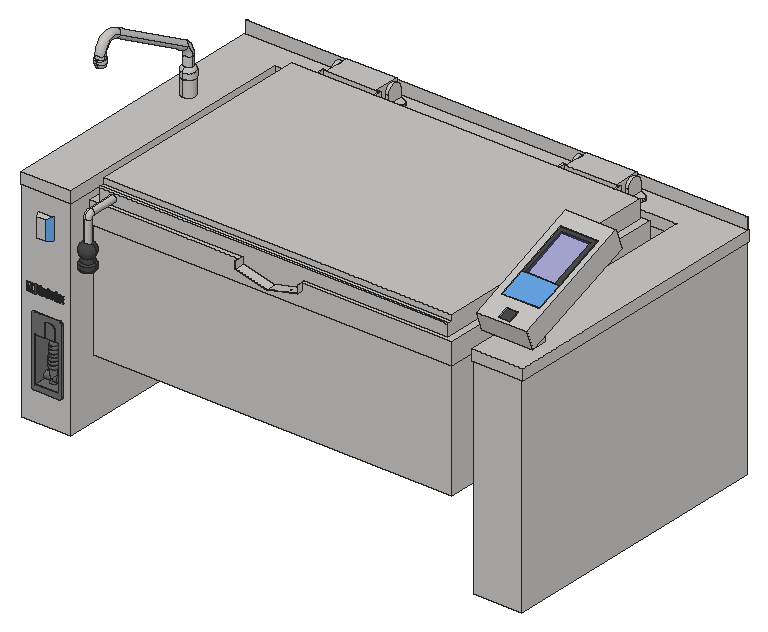
Revit family "QF_ELECTROLUXPROFESSIONAL_586296_PFET17ELEX", category Attrezzature speciali, Revit 2023 (continued)
Automatic sketch dimensions
  Revolve 24 sketch curve to Revolve 24 sketch curve = 10.00 mm  (x2)
  Revolve 24 sketch curve to plane 6 "TOP" = 99.606 mm
  Revolve 24 sketch curve to Revolve 24 sketch curve = 17.867 mm
  Revolve 24 sketch curve to plane 6 "TOP" = 113.551 mm
  Revolve 24 sketch curve to Revolve 24 sketch curve = 1.22 mm
  Revolve 24 sketch curve to Revolve 24 sketch curve = 0.913 mm
  Revolve 24 sketch curve to Revolve 24 sketch curve = 5.00 mm
  Revolve 24 sketch curve to Revolve 24 sketch curve = 5.913 mm
  Revolve 24 sketch curve to Revolve 24 sketch curve = 12.655 mm
  Revolve 24 sketch curve to Revolve 24 sketch curve = 20.00 mm
  Revolve 24 sketch curve to Revolve 24 sketch curve = 0.914 mm
  Revolve 24 sketch curve to Revolve 24 sketch curve = 18.672 mm
  Extrusion 25 sketch curve to plane 6 "TOP" = 23.256 mm
  Extrusion 25 sketch curve to plane 8 "Center" = 99.207 mm
  plane 6 "TOP" to Extrusion 25 sketch curve = 0.00 mm  (x2)
  Extrusion 25 sketch curve to Extrusion 25 sketch curve = 2.00 mm  (x2)
  plane 8 "Center" to Extrusion 25 sketch curve = 0.793 mm  (x2)
  Extrusion 25 sketch curve to plane 6 "TOP" = 21.703 mm
  plane 8 "Center" to Extrusion 25 sketch curve = 98.793 mm
  Extrusion 25 sketch curve to Extrusion 25 sketch curve = 1.553 mm  (x2)
  Extrusion 25 sketch curve to plane 6 "TOP" = 46.733 mm
  Extrusion 25 sketch curve to Extrusion 25 sketch curve = 2.064 mm
  Extrusion 26 sketch curve to plane 6 "TOP" = 20.15 mm  (x2)
  Extrusion 26 sketch curve to plane 8 "Center" = 95.207 mm
  plane 8 "Center" to Extrusion 26 sketch curve = 0.793 mm
  plane 6 "TOP" to Extrusion 26 sketch curve = 0.00 mm
  plane 8 "Center" to Extrusion 26 sketch curve = 96.793 mm
  Extrusion 26 sketch curve to plane 6 "TOP" = 44.669 mm
  curve 3 to plane 4 "RIGHT" = 0.00 mm
  plane 5 "FRONT" to curve 3 = 0.00 mm
  curve 5 to plane 3 "LEFT" = 0.00 mm
  plane 1 "BACK" to curve 1 = 0.00 mm
  plane 5 "FRONT" to curve 7 = 0.00 mm
  curve 3 to plane 4 "RIGHT" = 160.00 mm
  curve 4 to curve 16 = 62.107 mm
  curve 11 to curve 6 = 64.503 mm
  plane 1 "BACK" to curve 4 = 86.00 mm
  curve 4 to curve 15 = 29.70 mm
  curve 6 to curve 17 = 29.70 mm
  curve 15 to curve 15 = 103.433 mm
  curve 15 to curve 14 = 4.00 mm
  curve 14 to curve 10 = 8.40 mm
  curve 8 to curve 12 = 8.40 mm
  plane 1 "BACK" to curve 9 = 86.00 mm
  curve 9 to curve 13 = 29.70 mm
  curve 14 to curve 15 = 0.00 mm
  curve 11 to curve 12 = 0.00 mm
  curve 20 to plane 9 = 122.00 mm
  curve 18 to plane 9 = 122.00 mm
  curve 18 to curve 19 = 114.00 mm
  curve 20 to curve 21 = 114.00 mm
  plane 5 "FRONT" to curve 17 = 5.00 mm
  plane 5 "FRONT" to curve 16 = 5.00 mm
  curve 32 to curve 33 = 0.00 mm  (x2)
  curve 29 to plane 3 "LEFT" = 0.00 mm
  curve 37 to plane 10 = 0.00 mm
  curve 29 to plane 4 "RIGHT" = 0.00 mm
  plane 3 "LEFT" to curve 45 = 245.454 mm
  plane 12 to curve 30 = 19.819 mm
  curve 43 to curve 30 = 32.18 mm
  curve 32 to curve 33 = 10.00 mm
  curve 37 to plane 8 "Center" = 99.207 mm
  plane 8 "Center" to curve 38 = 100.793 mm
  curve 45 to plane 4 "RIGHT" = 244.507 mm
  curve 46 to plane 5 "FRONT" = 9.30 mm
  plane 1 "BACK" to curve 45 = 125.70 mm
  plane 5 "FRONT" to curve 34 = 5.00 mm
  curve 34 to curve 43 = 20.951 mm
  curve 36 to curve 40 = 2.00 mm
  plane 8 "Center" to curve 41 = 0.793 mm
  curve 39 to plane 10 = 0.70 mm
  curve 39 to curve 37 = 2.00 mm
  plane 5 "FRONT" to curve 47 = 5.00 mm
  curve 44 to curve 47 = 22.40 mm
  curve 33 to plane 12 = 3.093 mm
  plane 5 "FRONT" to curve 35 = 5.00 mm
  curve 43 to curve 42 = 15.00 mm
  plane 1 "BACK" to curve 29 = 2.00 mm
  Extrusion 18 sketch curve to plane 4 "RIGHT" = 78.796 mm
  plane 7 to Extrusion 18 sketch curve = 195.00 mm
  plane 3 "LEFT" to Extrusion 17 sketch curve = 46.204 mm
  plane 7 to Extrusion 17 sketch curve = 195.00 mm
  Extrusion 17 sketch curve to Extrusion 17 sketch curve = 0.00 mm
  Extrusion 17 sketch curve to Extrusion 17 sketch curve = 60.00 mm
  radius of Extrusion 17 sketch curve = 6.35 mm  (x2)
  radius of Extrusion 18 sketch curve = 6.35 mm
  radius of curve 28 = 25.00 mm
  radius of Extrusion 20 sketch curve = 2.453 mm
  radius of Extrusion 20 sketch curve = 1.557 mm
  radius of Extrusion 20 sketch curve = 1.468 mm
  radius of Extrusion 20 sketch curve = 2.451 mm
  radius of Sweep 23 sketch curve = 10.00 mm
Nested families
  nested 1: "QF_ELECTROLUXPROFESSIONAL_RubSprint" at (80, -330.346, 900), type "QF_ELECTROLUXPROFESSIONAL_RubSprint"
  nested 2: "QF_ELECTROLUXPROFESSIONAL_SprayGun" at (80.4, -837, 291.944), type "QF_ELECTROLUXPROFESSIONAL_SprayGun"
  nested 3: "QF_ELECTROLUXPROFESSIONAL_PFET_DISPLAY" at (1577.739, -679.876, 900) x (-1, 0, 0) z (0, 0, 1), type "QF_ELECTROLUXPROFESSIONAL_PFET_DISPLAY"
Connectors
  electrical at (1521.204, 5, 395), driven by "Volts"
    settings: on Extrusion 18, index 1, voltage 400 V, apparent load 20600 VA, apparent load phase1 0 VA, apparent load phase2 0 VA, apparent load phase3 0 VA, power factor 1, load classification "Other", number of poles 1, system type 30, power factor state 1, is connector primary yes, connector utility no, sub classification motor no, connector description "Electrical Connection"
  piping at (106.204, 5, 395), diameter 12.7
    settings: on Extrusion 17, index 2, connector inside diameter 1/2", connector length 0.00 mm, flow factor 0, pipe flow 0 GPM, pressure drop 0.00 psi, fitting loss kfactor 0, connector angle 0.00°, fixture units 0, engagement length 0.00 mm, angle of deflection 0.00°, flow configuration 1, flow direction 1, fitting loss method 0, system type 20, joint type 0, gender type 0, connector reference index -1, connector utility 0, adjustable connector no, is connector primary yes, connector description "Cold Water Inlet"
  piping at (46.204, 5, 395), diameter 12.7
    settings: on Extrusion 17, index 3, connector inside diameter 1/2", connector length 0.00 mm, flow factor 0, pipe flow 0 GPM, pressure drop 0.00 psi, fitting loss kfactor 0, connector angle 0.00°, fixture units 0, engagement length 0.00 mm, angle of deflection 0.00°, flow configuration 1, flow direction 1, fitting loss method 0, system type 19, joint type 0, gender type 0, connector reference index -1, connector utility 0, adjustable connector no, is connector primary no, connector description "Hot Water Inlet"
Definition of nested family "QF_ELECTROLUXPROFESSIONAL_RubSprint"
  Parameters
    Default Elevation = 0.00 mm
  Reference planes
    plane 1 "Center (Front/Back)": y = 0
    plane 2: z = 0
    plane 3 "Center (Left/Right)": x = 0
  Forms (mm)
    Revolve 1, solid
      sketch origin (0, 0, 0) x (0, 1, 0) y (0, 0, 1)
        loop
          line (-21, 0) -> (0, 0) -> (0, 82.75) -> (-14.385, 82.75)
          arc (-14.385, 82.75) -> (-19.409, 76.68) -> (-22.385, 69.383) r 26
          line (-22.385, 69.383) -> (-22.385, 51.306) -> (-21, 50.388) -> (-21, 0)
        axis (0, 82.75) -> (0, 0)
      angle from 0 to 360
    Sweep 2, solid
      path origin (0, 0, 0) x (0, 1, 0) y (0, 0, 1)
        loop
          line (0, 82.75) -> (0, 113.75)
          arc (0, 113.75) -> (-5.44, 133.889) -> (-20.279, 148.551) r 40
          line (-20.279, 148.551) -> (-290.279, 301.55)
          arc (-290.279, 301.55) -> (-330.139, 301.31) -> (-349.999, 266.749) r 40
          line (-349.999, 266.749) -> (-349.999, 257.884)
      profile origin (0, 0, 98.25) x (0, -1, 0) y (1, 0, 0)
        loop
          circle (0, 0) r 13.5
    Revolve 3, solid
      sketch origin (0, 0, 0) x (0, 1, 0) y (0, 0, 1)
        loop
          line (-333.717, 244.264) -> (-333.717, 254.236)
          arc (-333.717, 254.236) -> (-334.434, 255.758) -> (-335.779, 256.77) r 3.5
          line (-335.779, 256.77) -> (-336.499, 257.884) -> (-349.999, 257.884) -> (-349.999, 233.05) -> (-339.2, 233.05)
          arc (-339.2, 233.05) -> (-338.052, 233.411) -> (-337.32, 234.365) r 2
          line (-337.32, 234.365) -> (-333.717, 244.264)
        axis (-349.999, 257.884) -> (-349.999, 233.05)
      angle from 0 to 360
  Lines and regions (mm)
    symbolic lines
      curve 1: arc (-13.5, -17.856, 0) -> (0, 22.385, 0) -> (13.5, -17.856, 0) r 22.385
      curve 2: arc (-13.5, 0, 0) -> (0, 13.5, 0) -> (13.5, 0, 0) r 13.5
      curve 3: arc (-13.5, -349.999, 0) -> (0, -363.499, 0) -> (13.5, -349.999, 0) r 13.5
      curve 4: arc (-13.5, -340.897, 0) -> (0, -366.281, 0) -> (13.5, -340.897, 0) r 16.282
      curve 5: line (13.5, -349.999, 0) -> (13.5, 0, 0)
      curve 6: line (-13.5, -349.999, 0) -> (-13.5, 0, 0)
  Dimensions and locks
    aligned and locked: level to plane 2
Definition of nested family "QF_ELECTROLUXPROFESSIONAL_SprayGun"
  Parameters
    Default Elevation = 0.00 mm
  Reference planes
    plane 1 "Center (Front/Back)": y = 0
    plane 2: z = 0
    plane 3 "SGy": x = 13
    plane 4 "AxeZ": y = -45
    plane 5 "Center (Left/Right)": x = 4
    plane 6 "Center (Top/Right)": z = 112.5
  Forms (mm)
    Revolve 1, solid
      sketch origin (0, -45, 0) x (0, 0, 1) y (-1, 0, 0)
        loop
          line (73.98, -1.423) -> (33.98, -1.423) -> (33.98, -13) -> (151.7, -13) -> (151.7, -4.362)
          arc (151.7, -4.362) -> (147.093, -1.396) -> (141.64, -1.926) r 8.345
          arc (141.64, -1.926) -> (140.226, -2.024) -> (139.103, -1.16) r 2
          arc (139.103, -1.16) -> (138.832, -0.814) -> (138.493, -0.536) r 2
          arc (138.493, -0.536) -> (134.77, 0.557) -> (131.061, -0.581) r 6.745
          arc (131.061, -0.581) -> (129.812, -0.914) -> (128.62, -0.414) r 2
          arc (128.62, -0.414) -> (124.347, 1.338) -> (119.917, 0.035) r 6.972
          arc (119.917, 0.035) -> (118.79, -0.341) -> (117.648, -0.011) r 2
          arc (117.648, -0.011) -> (113.81, 1.188) -> (109.921, 0.166) r 7.275
          arc (109.921, 0.166) -> (108.725, -0.109) -> (107.594, 0.367) r 2
          arc (107.594, 0.367) -> (103.55, 1.928) -> (99.427, 0.587) r 6.475
          arc (99.427, 0.587) -> (98.262, 0.173) -> (97.076, 0.524) r 2
          arc (97.076, 0.524) -> (92.711, 1.941) -> (88.277, 0.758) r 8.094
          arc (88.277, 0.758) -> (87.212, 0.464) -> (86.153, 0.781) r 2
          arc (86.153, 0.781) -> (79.633, 2.075) -> (73.98, -1.423) r 9.075
        axis (151.7, -13) -> (33.98, -13)
      angle from 0 to 360
    Revolve 2, solid
      sketch origin (0, -45, 0) x (0, 0, 1) y (-1, 0, 0)
        loop
          line (47.58, 11.558) -> (40.98, 11.558) -> (40.98, 9.577) -> (35.98, 9.577) -> (35.98, -30.423) -> (40.98, -30.423) -> (40.98, -35.423) -> (47.58, -35.423) -> (47.58, 11.558)
        axis (47.58, 11.558) -> (47.58, -35.423)
      angle from 0 to 360
    Extrusion 3, solid
      sketch origin (0, -45, 0) x (1, 0, 0) y (0, 1, 0)
        loop
          line (21.638, 0) -> (17.319, 7.481) -> (8.681, 7.481) -> (4.362, 0) -> (8.681, -7.481) -> (17.319, -7.481) -> (21.638, 0)
      from 151.7 to 160.974
    Extrusion 4, solid
      sketch origin (0, 0, 0) x (1, 0, 0) y (0, 0, 1)
        loop
          arc (-45, 10) -> (-42.071, 2.929) -> (-35, 0) r 10
          line (-35, 0) -> (43, 0)
          arc (43, 0) -> (50.071, 2.929) -> (53, 10) r 10
          line (53, 10) -> (53, 215)
          arc (53, 215) -> (50.071, 222.071) -> (43, 225) r 10
          line (43, 225) -> (-35, 225)
          arc (-35, 225) -> (-42.071, 222.071) -> (-45, 215) r 10
          line (-45, 215) -> (-45, 10)
        loop
          line (-35, 162) -> (-35, 16) -> (43, 16) -> (43, 162) -> (29, 162) -> (29, 199)
          arc (29, 199) -> (26.657, 204.657) -> (21, 207) r 8
          line (21, 207) -> (5, 207)
          arc (5, 207) -> (-0.657, 204.657) -> (-3, 199) r 8
          line (-3, 199) -> (-3, 162) -> (-35, 162)
      from 63 to 60
    Extrusion 5, solid
      sketch origin (0, 0, 0) x (1, 0, 0) y (0, 0, 1)
        loop
          line (-35, 16) -> (43, 16) -> (43, 162) -> (29, 162) -> (29, 199)
          arc (29, 199) -> (26.657, 204.657) -> (21, 207) r 8
          line (21, 207) -> (5, 207)
          arc (5, 207) -> (-0.657, 204.657) -> (-3, 199) r 8
          line (-3, 199) -> (-3, 162) -> (-35, 162) -> (-35, 16)
        loop
          line (31, 164) -> (31, 199)
          arc (31, 199) -> (28.071, 206.071) -> (21, 209) r 10
          line (21, 209) -> (5, 209)
          arc (5, 209) -> (-2.071, 206.071) -> (-5, 199) r 10
          line (-5, 199) -> (-5, 164) -> (-37, 164) -> (-37, 14) -> (45, 14) -> (45, 164) -> (31, 164)
      from 0 to 60
    Extrusion 6, solid
      sketch origin (0, 0, 0) x (1, 0, 0) y (0, 0, 1)
        loop
          line (-37, 164) -> (-37, 14) -> (45, 14) -> (45, 164) -> (-37, 164)
      from 6 to 0
    Extrusion 7, solid
      sketch origin (0, 0, 0) x (1, 0, 0) y (0, 0, 1)
        loop
          line (28, 160.974) -> (28, 198)
          arc (28, 198) -> (25.657, 203.657) -> (20, 206) r 8
          line (20, 206) -> (6, 206)
          arc (6, 206) -> (0.343, 203.657) -> (-2, 198) r 8
          line (-2, 198) -> (-2, 160.974) -> (28, 160.974)
      from 0 to 63
  Dimensions and locks
    equal spacing: Extrusion 4, plane 5 "Center (Left/Right)", Extrusion 4
    Extrusion 4 to Extrusion 4 = 225.00 mm
    Extrusion 4 to Extrusion 4 = 98.00 mm
    aligned and locked: level to plane 2
  Automatic sketch dimensions
    plane 3 "SGy" to Revolve 1 sketch curve = 0.00 mm  (x2)
    plane 5 "Center (Left/Right)" to Revolve 1 sketch curve = 2.577 mm
    level to Revolve 1 sketch curve = 33.98 mm
    Revolve 1 sketch curve to Revolve 1 sketch curve = 40.00 mm
    Revolve 1 sketch curve to plane 5 "Center (Left/Right)" = 2.854 mm
    Revolve 1 sketch curve to Revolve 1 sketch curve = 7.27 mm
    Revolve 1 sketch curve to Revolve 1 sketch curve = 5.984 mm
    Revolve 1 sketch curve to plane 5 "Center (Left/Right)" = 2.15 mm
    Revolve 1 sketch curve to Revolve 1 sketch curve = 5.262 mm
    Revolve 1 sketch curve to Revolve 1 sketch curve = 5.712 mm
    Revolve 1 sketch curve to plane 5 "Center (Left/Right)" = 0.545 mm
    Revolve 1 sketch curve to Revolve 1 sketch curve = 5.167 mm
    Revolve 1 sketch curve to Revolve 1 sketch curve = 5.522 mm
    Revolve 1 sketch curve to plane 5 "Center (Left/Right)" = 2.085 mm
    Revolve 1 sketch curve to Revolve 1 sketch curve = 4.746 mm
    Revolve 1 sketch curve to Revolve 1 sketch curve = 5.106 mm
    Revolve 1 sketch curve to plane 5 "Center (Left/Right)" = 1.624 mm
    Revolve 1 sketch curve to Revolve 1 sketch curve = 5.239 mm
    Revolve 1 sketch curve to Revolve 1 sketch curve = 5.96 mm
    Revolve 1 sketch curve to plane 5 "Center (Left/Right)" = 2.187 mm
    Revolve 1 sketch curve to Revolve 1 sketch curve = 4.862 mm
    plane 5 "Center (Left/Right)" to Revolve 1 sketch curve = 1.788 mm
    Revolve 1 sketch curve to Revolve 1 sketch curve = 2.59 mm
    Revolve 1 sketch curve to Revolve 1 sketch curve = 3.403 mm
    plane 3 "SGy" to Revolve 1 sketch curve = 3.493 mm
    Revolve 1 sketch curve to Revolve 1 sketch curve = 4.325 mm
    Revolve 1 sketch curve to Revolve 1 sketch curve = 6.57 mm
    Revolve 1 sketch curve to plane 5 "Center (Left/Right)" = 0.362 mm
    plane 5 "Center (Left/Right)" to Revolve 1 sketch curve = 3.891 mm
    plane 5 "Center (Left/Right)" to Revolve 1 sketch curve = 5.081 mm
    plane 5 "Center (Left/Right)" to Revolve 1 sketch curve = 5.658 mm
    plane 5 "Center (Left/Right)" to Revolve 1 sketch curve = 5.884 mm
    plane 5 "Center (Left/Right)" to Revolve 1 sketch curve = 6.173 mm
    plane 5 "Center (Left/Right)" to Revolve 1 sketch curve = 6.464 mm
    Revolve 1 sketch curve to Revolve 1 sketch curve = 7.72 mm
    Revolve 1 sketch curve to Revolve 1 sketch curve = 0.00 mm  (x12)
    Revolve 1 sketch curve to Revolve 1 sketch curve = 1.57 mm
    Revolve 2 sketch curve to plane 3 "SGy" = 17.423 mm
    level to Revolve 2 sketch curve = 35.98 mm
    Revolve 2 sketch curve to Revolve 2 sketch curve = 5.00 mm  (x3)
    Revolve 2 sketch curve to Revolve 2 sketch curve = 6.60 mm
    plane 5 "Center (Left/Right)" to Revolve 2 sketch curve = 13.577 mm
    Revolve 2 sketch curve to Revolve 2 sketch curve = 1.981 mm
    Revolve 2 sketch curve to Revolve 2 sketch curve = 0.00 mm  (x2)
    Revolve 2 sketch curve to Revolve 2 sketch curve = 4.326 mm
    plane 4 "AxeZ" to Extrusion 3 sketch curve = 0.00 mm  (x2)
    Extrusion 3 sketch curve to plane 5 "Center (Left/Right)" = 0.362 mm
    plane 3 "SGy" to Extrusion 3 sketch curve = 4.319 mm  (x2)
    Extrusion 3 sketch curve to plane 3 "SGy" = 4.319 mm  (x2)
    Extrusion 3 sketch curve to Extrusion 3 sketch curve = 4.319 mm
    plane 4 "AxeZ" to Extrusion 3 sketch curve = 7.481 mm
    Extrusion 3 sketch curve to plane 4 "AxeZ" = 7.481 mm
    Extrusion 4 sketch curve to level = 0.00 mm
    level to Extrusion 4 sketch curve = 10.00 mm
    plane 5 "Center (Left/Right)" to Extrusion 4 sketch curve = 49.00 mm
    Extrusion 4 sketch curve to Extrusion 4 sketch curve = 10.00 mm  (x2)
    Extrusion 4 sketch curve to Extrusion 4 sketch curve = 0.00 mm  (x3)
    plane 5 "Center (Left/Right)" to Extrusion 4 sketch curve = 7.00 mm
    Extrusion 4 sketch curve to plane 5 "Center (Left/Right)" = 1.00 mm
    Extrusion 4 sketch curve to plane 3 "SGy" = 8.00 mm
    Extrusion 4 sketch curve to plane 3 "SGy" = 16.00 mm
    Extrusion 4 sketch curve to Extrusion 4 sketch curve = 14.00 mm  (x2)
    Extrusion 4 sketch curve to Extrusion 4 sketch curve = 6.00 mm
    Extrusion 4 sketch curve to Extrusion 4 sketch curve = 146.00 mm
    Extrusion 4 sketch curve to Extrusion 4 sketch curve = 37.00 mm
    Extrusion 4 sketch curve to Extrusion 4 sketch curve = 16.00 mm
    Extrusion 5 sketch curve to Extrusion 5 sketch curve = 0.00 mm  (x5)
    level to Extrusion 5 sketch curve = 14.00 mm
    plane 5 "Center (Left/Right)" to Extrusion 5 sketch curve = 41.00 mm
    Extrusion 5 sketch curve to Extrusion 5 sketch curve = 2.00 mm  (x6)
    plane 5 "Center (Left/Right)" to Extrusion 5 sketch curve = 9.00 mm
    Extrusion 5 sketch curve to plane 5 "Center (Left/Right)" = 1.00 mm
    Extrusion 5 sketch curve to plane 3 "SGy" = 8.00 mm
    Extrusion 5 sketch curve to Extrusion 5 sketch curve = 8.00 mm
    Extrusion 5 sketch curve to plane 3 "SGy" = 30.00 mm
    Extrusion 5 sketch curve to Extrusion 5 sketch curve = 146.00 mm
    Extrusion 5 sketch curve to Extrusion 5 sketch curve = 35.00 mm
    level to Extrusion 6 sketch curve = 14.00 mm
    plane 5 "Center (Left/Right)" to Extrusion 6 sketch curve = 41.00 mm
    Extrusion 6 sketch curve to plane 3 "SGy" = 32.00 mm
    Extrusion 6 sketch curve to Extrusion 6 sketch curve = 150.00 mm
    plane 5 "Center (Left/Right)" to Extrusion 7 sketch curve = 6.00 mm
    Extrusion 7 sketch curve to plane 5 "Center (Left/Right)" = 2.00 mm
    Extrusion 7 sketch curve to plane 3 "SGy" = 7.00 mm
    Extrusion 7 sketch curve to plane 3 "SGy" = 15.00 mm
    level to Extrusion 7 sketch curve = 160.974 mm
    Extrusion 7 sketch curve to Extrusion 7 sketch curve = 37.026 mm
Definition of nested family "QF_ELECTROLUXPROFESSIONAL_PFET_DISPLAY"
  Parameters (values of type "QF_ELECTROLUXPROFESSIONAL_PFET_DISPLAY")
    Model = "729047"
    Default Elevation = 900.00 mm
  Reference planes
    plane 1 "Center (Front/Back)": y = -15.175
    plane 2: z = 0
    plane 3 "Center (Left/Right)": x = 57.739
    plane 4 "Display": through (0, -201.891, 95.406) normal (0, 0.3584, -0.9336)
  Forms (mm)
    Extrusion 1, solid
      sketch origin (0, -919.2, 0) x (1, 0, 0) y (0, 1, 0)
        loop
          line (-362.261, 1124.025) -> (-362.261, 681.672) -> (449.537, 681.672) -> (449.537, 1124.025) -> (-362.261, 1124.025)
      from 0 to -59.546
    Extrusion 2, solid
      sketch origin (57.739, 0, 0) x (0, 1, 0) y (0, 0, 1)
        loop
          line (-180.341, 36.197) -> (177.83, 166.561) -> (152.87, 231.585) -> (-201.891, 95.406) -> (-180.341, 36.197)
      from -80 to 80
    Extrusion 3, void
      sketch origin (57.739, 0, 0) x (0, 1, 0) y (0, 0, 1)
        loop
          line (107.983, 208.999) -> (106.191, 213.667) -> (-127.204, 124.075) -> (-125.412, 119.407) -> (107.983, 208.999)
      from -60 to 60
    Extrusion 4, solid
      sketch origin (0, -57.848, 150.699) x (0, -0.93358, -0.358368) y (-1, 0, 0)
        loop
          line (-10.709, 2.261) -> (-175.709, 2.261) -> (-175.709, -117.739) -> (-10.709, -117.739) -> (-10.709, -103.739) -> (-161.709, -103.739) -> (-161.709, -11.739) -> (-10.709, -11.739) -> (-10.709, 2.261)
      from 0 to 5
    Extrusion 5, solid
      sketch origin (0, -57.848, 150.699) x (0, -0.93358, -0.358368) y (-1, 0, 0)
        loop
          line (-10.709, -11.739) -> (-161.709, -11.739) -> (-161.709, -103.739) -> (-10.709, -103.739) -> (-10.709, -11.739)
      from 0 to 5
    Extrusion 6, solid
      sketch origin (0, -57.848, 150.699) x (0, -0.93358, -0.358368) y (-1, 0, 0)
        loop
          line (-10.709, 2.261) -> (-10.709, -117.739) -> (74.291, -117.739) -> (74.291, 2.261) -> (-10.709, 2.261)
      from 0 to 5
    Extrusion 7, void
      sketch origin (0, -57.848, 150.699) x (0, -0.93358, -0.358368) y (-1, 0, 0)
        loop
          line (107.614, -75.239) -> (142.614, -75.239) -> (142.614, -40.239) -> (107.614, -40.239) -> (107.614, -75.239)
      from 0 to 2
    Extrusion 8, solid
      sketch origin (0, -57.848, 150.699) x (0, -0.93358, -0.358368) y (-1, 0, 0)
        loop
          line (142.614, -40.239) -> (107.614, -40.239) -> (107.614, -75.239) -> (142.614, -75.239) -> (142.614, -40.239)
      from 2 to 0
    Extrusion 9, solid
      sketch origin (57.739, 0, 0) x (0, 1, 0) y (0, 0, 1)
        loop
          line (-111.124, 61.39) -> (-111.124, 0) -> (-81.124, 0) -> (-81.124, 72.309) -> (-111.124, 61.39)
      from -40 to 40
  Cuts and joins
    Extrusion 3, Extrusion 7 cuts Extrusion 2
  Lines and regions (mm)
    symbolic lines
      curve 1: line (-22.261, 177.83, 0) -> (137.739, 177.83, 0)
      curve 2: line (-22.261, -201.891, 0) -> (-22.261, 177.83, 0)
      curve 3: line (137.739, -201.891, 0) -> (-22.261, -201.891, 0)
      curve 4: line (137.739, 177.83, 0) -> (137.739, -201.891, 0)
      curve 5: line (40.239, -190.989, 0) -> (40.239, -158.314, 0)
      curve 6: line (75.239, -158.314, 0) -> (75.239, -190.989, 0)
      curve 7: line (-2.261, -127.204, 0) -> (-2.261, 106.191, 0)
      curve 8: line (117.739, 106.191, 0) -> (117.739, -127.204, 0)
      curve 9: line (-22.261, 152.87, 0) -> (137.739, 152.87, 0)
      curve 10: line (117.739, -47.85, 0) -> (-2.261, -47.85, 0)
      curve 11: line (11.739, 93.121, 0) -> (11.739, -47.85, 0)
      curve 12: line (103.739, 93.121, 0) -> (11.739, 93.121, 0)
      curve 13: line (103.739, -47.85, 0) -> (103.739, 93.121, 0)
      curve 14: line (117.739, 106.191, 0) -> (-2.261, 106.191, 0)
      curve 15: line (-2.261, -127.204, 0) -> (117.739, -127.204, 0)
      curve 16: line (75.239, -158.314, 0) -> (40.239, -158.314, 0)
      curve 17: line (40.239, -190.989, 0) -> (75.239, -190.989, 0)
  Dimensions and locks
    aligned and locked: plane 2 to Extrusion 1
    aligned and locked: level to Extrusion 1
